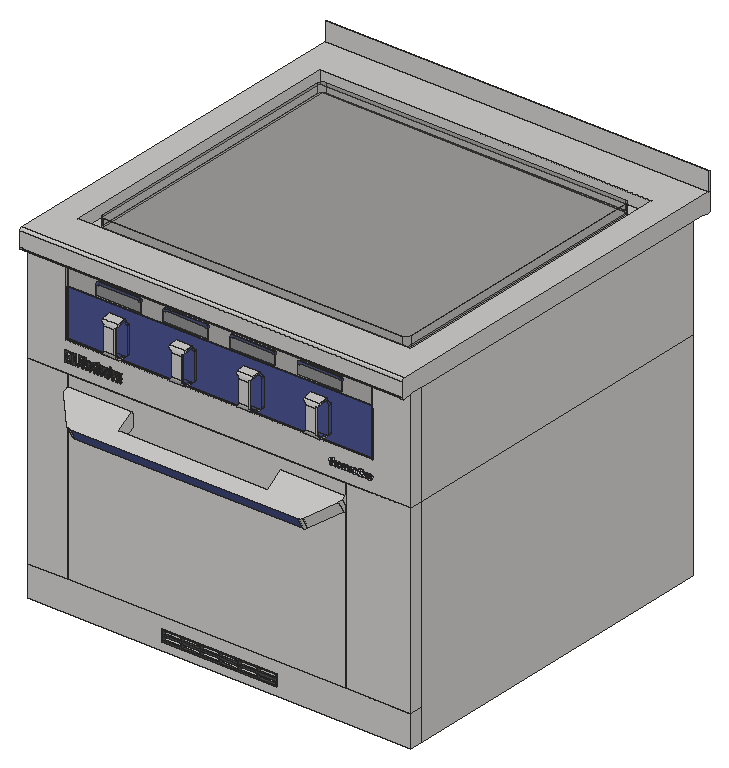
Revit family "QF_ELECTROLUXPROFESSIONAL_588412_MALLEBH8AO", category Attrezzature speciali, Revit 2020 (continued)
Definition of nested family "Door_Panel_W800_A"
  Forms (mm)
    Extrusion 1, solid
      from 265 to 400
    Extrusion 2, solid
      sketch origin (100, 0, 0) x (0, 1, 0) y (0, 0, 1)
        loop
          line (-25.03, 650) -> (-25.03, 265) -> (0, 265) -> (0, 650) -> (-25.03, 650)
      from -400 to -315
    Extrusion 3, solid
      sketch origin (100, 0, 0) x (0, 1, 0) y (0, 0, 1)
        loop
          line (-25.03, 650) -> (-25.03, 265) -> (0, 265) -> (0, 650) -> (-25.03, 650)
      from -315 to 265
    Extrusion 4, solid
      sketch origin (0, -283.633, 472.044) x (0, 0.857167, 0.515038) y (-1, 0, 0)
        loop
          line (299.12, -365) -> (299.12, 215) -> (290.982, 215)
          arc (290.982, 215) -> (286.677, 214.026) -> (283.211, 211.293) r 10
          line (283.211, 211.293) -> (233.28, 170.86)
          arc (233.28, 170.86) -> (230.548, 167.394) -> (229.574, 163.089) r 10
          line (229.574, 163.089) -> (229.574, -313.089)
          arc (229.574, -313.089) -> (230.548, -317.394) -> (233.28, -320.86) r 10
          line (233.28, -320.86) -> (283.211, -361.293)
          arc (283.211, -361.293) -> (286.677, -364.026) -> (290.982, -365) r 10
          line (290.982, -365) -> (299.12, -365)
      from -27 to 0
    Extrusion 5, void
      sketch origin (100, 0, 0) x (0, 1, 0) y (0, 0, 1)
        loop
          line (-61.514, 605.507) -> (-47.608, 582.363) -> (-25.03, 595.93) -> (-25.03, 627.429) -> (-61.514, 605.507)
      from -180 to 130
    Extrusion 6, solid, detail levels coarse
      sketch origin (100, 0, 0) x (0, 1, 0) y (0, 0, 1)
        loop
          line (-25.03, 265) -> (-25.03, 650)
          arc (-25.03, 650) -> (-297.266, 537.236) -> (-410.03, 265) r 385
          line (-410.03, 265) -> (-25.03, 265)
      from -315 to 265
  Cuts and joins
    Extrusion 5 cuts Extrusion 4
    joined: Extrusion 3, Extrusion 4
  Lines and regions (mm)
    symbolic lines
      curve 1: line (-207.355, -45.043, 0) -> (-170.86, -83.673, 0)
      curve 2: line (-163.089, -86.85, 0) -> (313.089, -86.85, 0)
      curve 3: line (320.86, -83.673, 0) -> (357.355, -45.043, 0)
      curve 4: arc (-163.089, -86.85, 0) -> (-167.318, -86.101, 0) -> (-170.86, -83.673, 0) r 10.165
      curve 5: arc (313.089, -86.85, 0) -> (317.318, -86.101, 0) -> (320.86, -83.673, 0) r 10.165
      curve 6: line (-215, -45.043, 0) -> (-215, -410.03, 0)
      curve 7: line (-215, -410.03, 0) -> (365, -410.03, 0)
      curve 8: line (365, -410.03, 0) -> (365, -45.03, 0)
  Dimensions and locks
    plane 3 to plane 4 = 800 mm
    plane 4 to plane 3 = 800 mm
    equal spacing: plane 3, plane 5 "Center (Left/Right)", plane 4
    plane 6 to plane 4 = 85 mm
    plane 3 to plane 7 = 135 mm
    plane 11 to level = 200 mm
    plane 10 to plane 11 = 65 mm
    plane 10 to plane 9 "Top" = 385 mm
    plane 9 "Top" to plane 11 = 450 mm
    aligned and locked: plane 3 to Extrusion 1
    aligned and locked: cut or joined group of Extrusion 3, Extrusion 4, Extrusion 5 to plane 6
    aligned and locked: cut or joined group of Extrusion 3, Extrusion 4, Extrusion 5 to plane 7
    aligned and locked: plane 7 to Extrusion 1
    aligned and locked: plane 6 to Extrusion 2
    aligned and locked: Extrusion 2 to plane 4
    aligned and locked: plane 10 to Extrusion 2
    aligned and locked: plane 10 to cut or joined group of Extrusion 3, Extrusion 4, Extrusion 5
    aligned and locked: plane 10 to Extrusion 1
    aligned and locked: Extrusion 6 to plane 6
    aligned and locked: Extrusion 6 to plane 7
  Automatic sketch dimensions
    Extrusion 5 sketch curve to plane 8 "Manopola" = 0 mm  (x2)
    plane 1 "Center (Front/Back)" to Extrusion 5 sketch curve = 61.514 mm
    Extrusion 5 sketch curve to Extrusion 5 sketch curve = 13.906 mm
    plane 1 "Center (Front/Back)" to Extrusion 5 sketch curve = 25.03 mm
    Extrusion 4 sketch curve to plane 7 = 0 mm
    Extrusion 4 sketch curve to plane 6 = 0 mm
    plane 6 to Extrusion 4 sketch curve = 51.911 mm
    plane 7 to Extrusion 4 sketch curve = 44.14 mm
    Extrusion 4 sketch curve to Extrusion 4 sketch curve = 3.707 mm  (x2)
    plane 6 to Extrusion 4 sketch curve = 44.14 mm
    plane 7 to Extrusion 4 sketch curve = 3.707 mm
    Extrusion 4 sketch curve to Extrusion 4 sketch curve = 49.93 mm  (x2)
    plane 6 to Extrusion 4 sketch curve = 3.707 mm
    Extrusion 4 sketch curve to Extrusion 4 sketch curve = 7.771 mm  (x3)
    Extrusion 4 sketch curve to Extrusion 4 sketch curve = 8.138 mm
    Extrusion 2 sketch curve to plane 1 "Center (Front/Back)" = 0 mm
    Extrusion 3 sketch curve to plane 1 "Center (Front/Back)" = 0 mm
    Extrusion 1 sketch curve to plane 1 "Center (Front/Back)" = 0 mm
    Extrusion 2 sketch curve to plane 9 "Top" = 0 mm
    Extrusion 2 sketch curve to Extrusion 2 sketch curve = 25.03 mm
    Extrusion 3 sketch curve to plane 9 "Top" = 0 mm
    Extrusion 3 sketch curve to Extrusion 3 sketch curve = 25.03 mm
    Extrusion 1 sketch curve to plane 9 "Top" = 0 mm
    plane 1 "Center (Front/Back)" to Extrusion 1 sketch curve = 25.03 mm
    level to Extrusion 1 sketch curve = 265 mm
    level to Extrusion 2 sketch curve = 265 mm
    level to Extrusion 3 sketch curve = 265 mm
    plane 10 to Extrusion 6 sketch curve = 0 mm
    Extrusion 6 sketch curve to plane 9 "Top" = 0 mm
    plane 1 "Center (Front/Back)" to Extrusion 6 sketch curve = 25.03 mm
    curve 7 to plane 7 = 0 mm
    plane 6 to curve 1 = 44.14 mm
    curve 4 to curve 4 = 7.389 mm
    curve 4 to curve 2 = 7.771 mm
    plane 7 to curve 2 = 51.911 mm
    curve 2 to curve 5 = 0.382 mm
    curve 2 to curve 3 = 7.771 mm
    plane 1 "Center (Front/Back)" to curve 6 = 410.03 mm
    plane 1 "Center (Front/Back)" to curve 2 = 86.85 mm
    curve 2 to curve 3 = 3.177 mm
    curve 2 to curve 1 = 3.177 mm
    plane 7 to curve 3 = 7.645 mm
    plane 1 "Center (Front/Back)" to curve 3 = 45.043 mm
    curve 3 to curve 8 = 0.013 mm
    curve 7 to plane 6 = 0 mm
    curve 6 to curve 1 = 7.645 mm
    plane 1 "Center (Front/Back)" to curve 1 = 45.043 mm
    curve 6 to curve 1 = 0 mm
